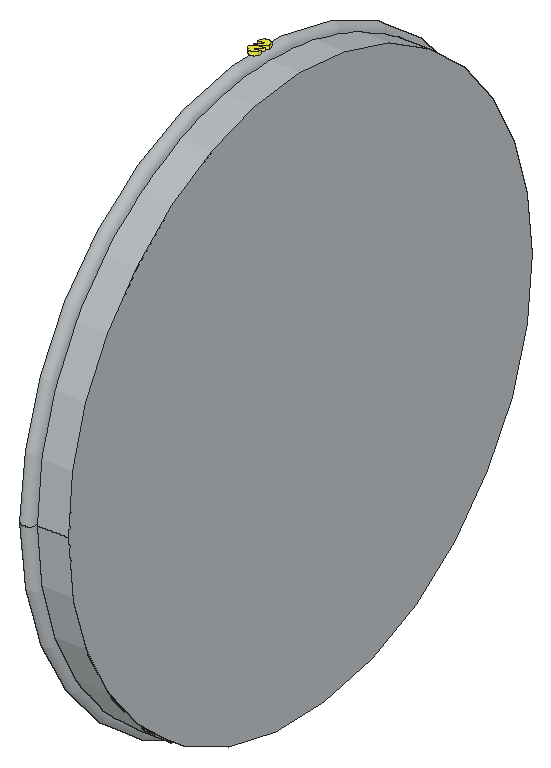
Revit family "NLRS_57_DUF_UN_round-end-cap_LT_velu", category Duct Fittings, Revit 2021
Family settings
  Round Connector Dimension = Use Diameter
  Part Type = Cap
  OmniClass Number = 23.75.70.14
  OmniClass Title = Air Ductwork
  Work Plane-Based = No
  Always vertical = Yes
  Cut with Voids When Loaded = No
  Shared = No
Parameters (values of type "SGN")
  VELU_c01_diameter [instance] = if(NLRS_M_c01_diameter < 40.00 mm, 40.00 mm, if(NLRS_M_c01_diameter > 1500.00 mm, 1500.00 mm, NLRS_M_c01_diameter))  # 200.00 mm
  VELU_Werkendelengte [instance] = size_lookup(VELU_Article_Data, "L1", 10.00 mm, VELU_c01_diameter)  # 16.00 mm
  VELU_Verbindingslengte [instance] = size_lookup(VELU_Article_Data, "Li1", 50.00 mm, VELU_c01_diameter)  # 35.00 mm
  VELU_Show_IL1 [instance] = or(Plaats insteeklengten, and(VELU_Koppelbus1, VELU_Verbindingslengte - VELU_Koppelbus_Li1 > 0.00 mm))  # no
  VELU_Safe [instance] = 1 = 1  # yes
  VELU_Reken_Lengte [instance] = VELU_Werkendelengte  # 16.00 mm
  VELU_Opmerking [instance] = if(VELU_Geldig_Artikel, " ", "Dit is geen standaard VELU artikel.")  # " "
  VELU_Offset1 [instance] = if(Plaats insteeklengten, VELU_Verbindingslengte, if(VELU_Verbindingslengte - VELU_Koppelbus_Li1 > 0.00 mm, VELU_Verbindingslengte - VELU_Koppelbus_Li1, 0.00 mm)) + 1.00 mm  # 1.00 mm
  VELU_Model_Diameter [instance] = VELU_c01_diameter - 2.00 mm  # 198.00 mm
  VELU_Model [instance] = size_lookup(VELU_Article_Data, "", "NB", VELU_c01_diameter)  # "SGN 200"
  VELU_Material [instance] = NLRS_57_sendzimir verzinkt_gen_sacs
  VELU_Logo_Z [instance] = VELU_c01_diameter + VELU_Connector_Ril  # 205.00 mm
  VELU_Koppelbus_Li1 [instance] = size_lookup(VELU_Article_Data2, "Li1", 40.00 mm, VELU_c01_diameter)  # 37.00 mm
  VELU_Koppelbus_L1 [instance] = size_lookup(VELU_Article_Data2, "L1", 86.00 mm, VELU_c01_diameter)  # 82.00 mm
  VELU_Koppelbus1 [instance] = no
  VELU_Gewicht [instance] = size_lookup(VELU_Article_Data, "kg", 0, VELU_c01_diameter) * 1.00 kg  # 0.24 kg
  VELU_Geldig_Artikel [instance] = not(size_lookup(VELU_Article_Data, "L1", 0.00 mm, VELU_c01_diameter) = 0.00 mm)  # yes
  VELU_Connector_Ril [instance] = size_lookup(VELU_Article_Data, "Ril1", 5.00 mm, VELU_c01_diameter)  # 5.00 mm
  VELU_Connector1_Pos [instance] = if(VELU_Koppelbus1, if(VELU_Verbindingslengte > VELU_Koppelbus_Li1, VELU_Koppelbus_L1 + (VELU_Verbindingslengte - VELU_Koppelbus_Li1), VELU_Koppelbus_L1), 0.00 mm)  # 0.00 mm
  VELU_Bim-site [instance] = "https://velu.nl/bim/"
  VELU_Artikel_code [instance] = size_lookup(VELU_Article_Data, "artikelcode", "NB", VELU_c01_diameter)  # "5050002264"
  VELU_Article_Data2 = "VH"  # constant formula
  VELU_Article_Data = "SGN"  # constant formula
  built-in parameter 1114242 [instance] = 1
  URL = "https://webshop.velu.nl/ronde-kanalen/#twn|?tn_cid=49-54"
  Type Image = <None>
  Type Comments = ""
  Plaats insteeklengten [instance] = no
  NLRS_M_c01_diameter [instance] = 200.00 mm
  NLRS_C_model [instance] = VELU_Model  # "SGN 200"
  NLRS_C_description = Description  # "Rond deksel"
  NLRS_C_content_versie = "3.21.01"  # constant formula
  NLRS_C_content_provider = "Velu Klimaattechnische groothandel"  # constant formula
  NLRS_C_content_datum_gewijzigd = "30-11-2023"  # constant formula
  NLRS_C_content_creator = "J. Feeke"  # constant formula
  NLRS_C_bestemming = "Ventilatiesystemen"  # constant formula
  Model = "Velu rond deksel"  # constant formula
  Manufacturer = "Velu Klimaattechnische groothandel"  # constant formula
  IfcExportType = "USERDEFINED"  # constant formula
  IfcExportAs = "IfcDuctFittingType"  # constant formula
  IfcDescription = Description  # "Rond deksel"
  Description = "Rond deksel"  # constant formula
  Default Elevation = 0.00 mm
  Assembly Code = "57.00"
Reference planes
  plane 1 "Center (Front/Back)": y = 0
  plane 2: z = 0
  plane 3 "Center (Left/Right)": x = 0
  plane 4: x = 16
  plane 5: x = 0
  plane 6: x = 0
  plane 7: x = 1
  plane 8: z = 102.5
  plane 9: z = -102.5
Forms (mm)
  Extrusion 1, solid, material "NLRS_57_sendzimir verzinkt_gen_sacs" <- "VELU_Material", detail levels medium+fine
    sketch origin (0, 0, 0) x (0, 1, 0) y (0, 0, 1)
      loop
        circle (0, 0) r 100
    from 0 to 16
  Sweep 2, solid, material "NLRS_57_sendzimir verzinkt_gen_sacs" <- "VELU_Material", detail levels medium+fine
    path in 3D
      loop
        arc (0, -100, 0) -> (0, 0, -100) -> (0, 100, 0) r 100
        arc (0, 100, 0) -> (0, 0, 100) -> (0, -100, 0) r 100
    profile "Insertion_Profile_rubber : Insertion_Profile" origin (0, 0, 100) x (0, 0, 1) y (-1, 0, 0)
      loop
        line (0, 0) -> (0, -5)
        arc (0, -5) -> (2.5, -2.5) -> (0, 0) r 2.5
  Extrusion 3, solid, material "NLRS_57_sendzimir verzinkt_gen_sacs", visible <- "VELU_Show_IL1", detail levels medium+fine
    sketch origin (1, 0, 0) x (0, 1, 0) y (0, 0, 1)
      loop
        circle (0, 0) r 100
    from 0 to -1
Lines and regions (mm)
  reference lines
    curve 1: line (0, 0, 0) -> (16, 0, 0)
  sketch lines
    curve 2: arc (0, 100, 0) -> (0, 0, 100) -> (0, -100, 0) r 100
    curve 3: arc (0, -100, 0) -> (0, 0, -100) -> (0, 100, 0) r 100
  model lines, style "DuctFittingCenterLine", detail levels coarse
    curve 4: line (0, 0, 0) -> (16, 0, 0)
Dimensions and locks
  "VELU_Connector1_Pos": plane 5 to plane 3 "Center (Left/Right)"
  "VELU_Werkendelengte": plane 3 "Center (Left/Right)" to plane 4
  "VELU_Offset1": plane 6 to plane 7
  equal spacing: plane 8, level, plane 9
  "VELU_Logo_Z": plane 8 to plane 9
  locked: plane 3 "Center (Left/Right)" to nested 2 at 2
  locked: plane 3 "Center (Left/Right)" to nested 3 at 2
  locked: plane 3 "Center (Left/Right)" to plane 7 at 1
  "VELU_c01_diameter": diameter of Extrusion 1 sketch curve
  "VELU_c01_diameter": diameter of Extrusion 3 sketch curve
  aligned and locked: level to plane 2
  aligned and locked: plane 5 to curve 1
  aligned and locked: plane 1 "Center (Front/Back)" to curve 1
  aligned and locked: nested 1 to plane 1 "Center (Front/Back)"
  aligned and locked: Extrusion 1 to plane 3 "Center (Left/Right)"
  aligned and locked: plane 4 to Extrusion 1
  aligned and locked: plane 4 to curve 1
  aligned and locked: nested 1 to plane 5
  aligned and locked: nested 2 to plane 1 "Center (Front/Back)"
  aligned and locked: nested 2 to plane 8
  aligned and locked: plane 9 to nested 3
  aligned and locked: plane 5 to curve 4
  aligned and locked: plane 4 to curve 4
  aligned and locked: plane 1 "Center (Front/Back)" to curve 4
  aligned and locked: Extrusion 3 to plane 6
Automatic sketch dimensions
  Extrusion 1 sketch curve to level = 0.00 mm
  Extrusion 1 sketch curve to plane 1 "Center (Front/Back)" = 0.00 mm
  Extrusion 3 sketch curve to level = 0.00 mm
  Extrusion 3 sketch curve to plane 1 "Center (Front/Back)" = 0.00 mm
Nested families
  nested 1: "NLRS_57_DUF_UN_round-coupling_LT_velu" at (82, 0, 0) x (-1, 0, 0) z (0, 0, 1), visible <- "VELU_Koppelbus1", NLRS_M_c01_diameter <- "VELU_c01_diameter", VELU_Material <- "VELU_Material", type "VH", detail levels medium+fine
    with VELU_c01_diameter 200.00 mm, VELU_Werkendelengte 82.00 mm, VELU_Verbindingslengte 37.00 mm, VELU_Reken_Lengte 82.00 mm, VELU_Opmerking " ", VELU_Offset1 41.00 mm, VELU_Model_Radius2 4.00 mm, VELU_Model_Radius 101.00 mm, VELU_Model "VH 200", VELU_Material NLRS_57_sendzimir verzinkt_gen_sacs, VELU_Gewicht 0.21 kg, VELU_Geldig_Artikel yes, VELU_Connector_Ril 8.00 mm, VELU_Bim-site "https://velu.nl/bim/", VELU_Artikel_code "5060000628", NLRS_M_c01_diameter 200.00 mm, NLRS_C_model "VH 200"
  nested 2: "logo_velu" at (2, 0, 102.5) x (0, 1, 0) z (0, 0, 1), type "logo_velu"
    with t 2.00 mm
  nested 3: "logo_velu" at (2, 0, -103.5) x (0, 1, 0) z (0, 0, 1), type "logo_velu"
    with t 2.00 mm
Connectors
  hvac at (0, 0, 0), driven by "NLRS_M_c01_diameter"
    settings: on curve 1, index 1, duct flow 0.0 L/s, flow factor 0, pres drop 0.0 Pa, loss coef 0, conn angle 0.00°, conn width 304.8 mm, conn height 304.8 mm, conn diameter 200 mm, duct sys type 28, conn prof type 0, flow config 0, flow direction 0, loss method 0, conn ref index -1, conn util no, is conn primary yes, conn desc ""
Definition of nested family "NLRS_57_DUF_UN_round-coupling_LT_velu"
  Parameters (values of type "VH")
    VELU_c01_diameter [instance] = if(NLRS_M_c01_diameter < 40.00 mm, 40.00 mm, if(NLRS_M_c01_diameter > 1500.00 mm, 1500.00 mm, NLRS_M_c01_diameter))  # 100.00 mm
    VELU_Werkendelengte [instance] = size_lookup(VELU_Article_Data, "L1", 96.00 mm, VELU_c01_diameter)  # 82.00 mm
    VELU_Verbindingslengte [instance] = size_lookup(VELU_Article_Data, "Li1", 44.00 mm, VELU_c01_diameter)  # 37.00 mm
    VELU_Reken_Lengte [instance] = VELU_Werkendelengte  # 82.00 mm
    VELU_Opmerking [instance] = if(VELU_Geldig_Artikel, " ", "Dit is geen standaard VELU artikel.")  # " "
    VELU_Offset1 [instance] = VELU_Verbindingslengte + VELU_Connector_Ril / 2  # 41.00 mm
    VELU_Model_Radius2 [instance] = VELU_Connector_Ril / 2  # 4.00 mm
    VELU_Model_Radius [instance] = (VELU_c01_diameter / 2) + 1.00 mm  # 51.00 mm
    VELU_Model [instance] = size_lookup(VELU_Article_Data, "", "NB", VELU_c01_diameter)  # "VH 100"
    VELU_Material [instance] = none
    VELU_Gewicht [instance] = size_lookup(VELU_Article_Data, "kg", 0, VELU_c01_diameter) * 1.00 kg  # 0.11 kg
    VELU_Geldig_Artikel [instance] = not(size_lookup(VELU_Article_Data, "L1", 0.00 mm, VELU_c01_diameter) = 0.00 mm)  # yes
    VELU_Connector_Ril [instance] = size_lookup(VELU_Article_Data, "Ril1", 8.00 mm, VELU_c01_diameter)  # 8.00 mm
    VELU_Bim-site [instance] = "https://velu.nl/bim/"
    VELU_Artikel_code [instance] = size_lookup(VELU_Article_Data, "artikelcode", "NB", VELU_c01_diameter)  # "5060000623"
    VELU_Article_Data = "VH"  # constant formula
    URL = "http:\\\\www.bimvoorfabrikanten.nl/pdfluka/ISR_Luka_rond_koppelstuk.pdf"
    Type Comments = "Shared model voor Velu fittings"  # constant formula
    NLRS_M_c01_diameter [instance] = 100.00 mm
    NLRS_C_model [instance] = VELU_Model  # "VH 100"
    NLRS_C_description = Description  # "Rond - koppelstuk tbv hulpstukken"
    NLRS_C_content_versie = "3.21.01"  # constant formula
    NLRS_C_content_provider = "Velu Klimaattechnische groothandel"  # constant formula
    NLRS_C_content_datum_gewijzigd = "28-11-2023"  # constant formula
    NLRS_C_content_creator = "J. Feeke"  # constant formula
    NLRS_C_bestemming = "Ventilatiesystemen"  # constant formula
    Model = "Velu Koppelstuk"  # constant formula
    Manufacturer = "Velu Klimaattechnische groothandel"  # constant formula
    IfcExportType = "CONNECTOR"  # constant formula
    IfcExportAs = "IfcDuctFittingType"  # constant formula
    IfcDescription = Description  # "Rond - koppelstuk tbv hulpstukken"
    Description = "Rond - koppelstuk tbv hulpstukken"  # constant formula
    Default Elevation = 0.00 mm
    Assembly Code = "57.5"
  Reference planes
    plane 1 "Center (Front/Back)": y = 0
    plane 2: z = 0
    plane 3 "Center (Left/Right)": x = 0
    plane 4 "Center_VH": x = 41
    plane 5: x = 82
    plane 6: y = 51
  Forms (mm)
    Revolve 1, solid, material <- "VELU_Material", detail levels medium+fine
      sketch origin (0, 0, 0) x (1, 0, 0) y (0, 1, 0)
        loop
          line (0, 0) -> (82, 0) -> (82, 51) -> (45, 51)
          arc (45, 51) -> (41, 47) -> (37, 51) r 4
          line (37, 51) -> (0, 51) -> (0, 0)
        axis (82, 0) -> (0, 0)
      angle from 0 to 360
  Lines and regions (mm)
    model lines, detail levels coarse
      curve 1: line (0, 0, 0) -> (82, 0, 0)
  Dimensions and locks
    equal spacing: plane 3 "Center (Left/Right)", plane 4 "Center_VH", plane 5
    "VELU_Offset1": plane 3 "Center (Left/Right)" to plane 4 "Center_VH"
    "VELU_Model_Radius": plane 6 to plane 1 "Center (Front/Back)"
    Revolve 1 sketch curve to Revolve 1 sketch curve = 0.00 mm
    "VELU_Model_Radius2": radius of Revolve 1 sketch curve
    aligned and locked: level to plane 2
    aligned and locked: plane 3 "Center (Left/Right)" to curve 1
    aligned and locked: plane 5 to curve 1
    aligned and locked: plane 1 "Center (Front/Back)" to curve 1
  Automatic sketch dimensions
    Revolve 1 sketch curve to plane 1 "Center (Front/Back)" = 0.00 mm
    Revolve 1 sketch curve to plane 3 "Center (Left/Right)" = 0.00 mm
    Revolve 1 sketch curve to plane 6 = 0.00 mm
    Revolve 1 sketch curve to plane 4 "Center_VH" = 0.00 mm
    plane 1 "Center (Front/Back)" to Revolve 1 sketch curve = 0.00 mm
    Revolve 1 sketch curve to plane 5 = 0.00 mm
    Revolve 1 sketch curve to plane 3 "Center (Left/Right)" = 2000.00 mm
    Revolve 1 sketch curve to Revolve 1 sketch curve = 1918.00 mm
Definition of nested family "logo_velu"
  Parameters (values of type "logo_velu")
    t = 5.00 mm
    Model = "LOD 400"
    Description = "Model type"
    Default Elevation = 1219.20 mm
  Reference planes
    plane 1 "Center (Front/Back)": y = 0
    plane 2: z = 0
    plane 3 "Center (Left/Right)": x = 0
    plane 4: z = 1
    plane 5: x = -10
    plane 6: y = -5
    plane 7: y = 5
    plane 8: x = -5
    plane 9: x = 5
    plane 10: x = 10
  Forms (mm)
    Extrusion 1, solid, detail levels medium+fine
      sketch origin (-547.644, -297.937, 0) x (1, 0, 0) y (0, 1, 0)
        loop
          arc (542.644, 302.937) -> (537.644, 297.937) -> (542.644, 292.937) r 5
          line (542.644, 292.937) -> (542.644, 297.937) -> (547.644, 292.937) -> (547.644, 297.937) -> (542.644, 302.937)
      from 0 to 1
    Extrusion 2, solid, detail levels medium+fine
      sketch origin (0, 0, 0) x (1, 0, 0) y (0, 1, 0)
        loop
          arc (5, -5) -> (10, 0) -> (5, 5) r 5
          line (5, 5) -> (5, 0) -> (0, 5) -> (0, 0) -> (5, -5)
      from 0 to 1
  Dimensions and locks
    "t": plane 7 to plane 1 "Center (Front/Back)"
    "t": plane 6 to plane 1 "Center (Front/Back)"
    "t": plane 5 to plane 8
    "t": plane 8 to plane 3 "Center (Left/Right)"
    "t": plane 3 "Center (Left/Right)" to plane 9
    "t": plane 9 to plane 10
    aligned and locked: level to plane 2
    aligned and locked: plane 4 to Extrusion 1
    aligned and locked: plane 4 to Extrusion 2
  Automatic sketch dimensions
    plane 1 "Center (Front/Back)" to Extrusion 1 sketch curve = 0.00 mm  (x3)
    Extrusion 1 sketch curve to plane 8 = 0.00 mm
    Extrusion 1 sketch curve to plane 7 = 0.00 mm
    Extrusion 1 sketch curve to plane 3 "Center (Left/Right)" = 0.00 mm
    Extrusion 1 sketch curve to plane 6 = 0.00 mm
    Extrusion 2 sketch curve to plane 3 "Center (Left/Right)" = 0.00 mm
    plane 1 "Center (Front/Back)" to Extrusion 2 sketch curve = 0.00 mm  (x3)
    Extrusion 2 sketch curve to plane 6 = 0.00 mm
    Extrusion 2 sketch curve to plane 9 = 0.00 mm
    Extrusion 2 sketch curve to plane 7 = 0.00 mm
